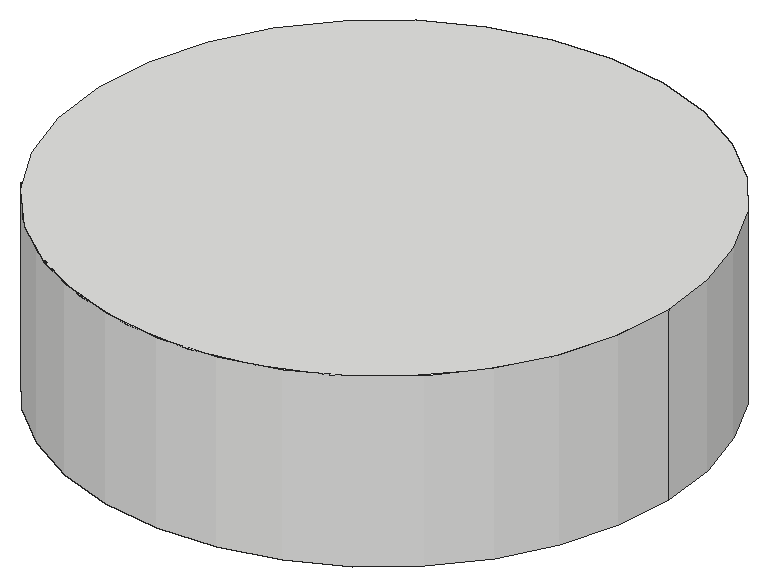
Revit family "IEK_Светильник_LED_ДПО-PRO_2001-2014_IP54_LOD2_R19", category Осветительные приборы, Revit 2019
Family settings
  Размер круглого соединителя = Использовать диаметр
  Тип детали = Нормальный
  На основе рабочей плоскости = Нет
  Всегда вертикально = Да
  При загрузке вырезать с полостями = Нет
  Источник света = Нет
  Общий = Нет
  Точка расчета площади = Нет
Parameters (values of type "ДПО2014Д_12Вт_1140лм_6500К_Накладной_Пластик")
  УГО_А_верт [instance] = no
  УГО_А_180гр [instance] = no
  УГО_А_-90гр [instance] = no
  УГО_А_+90гр [instance] = no
  Description = ""
  Лампа = "Светодиод. источник света (LED)"
  Изготовитель = "IEK"  # constant formula
  URL = "https://www.iek.ru/"
  KSI_CPr_Строительные изделия = "ЭЛ 40 50 50 30"  # constant formula
  KSI_CMa_Строительные материалы = "01.7.14.02"  # constant formula
  IEK_Частота = "50 Гц"
  IEK_Цветовая температура = "6500 К"
  IEK_Цвет = "Белый"
  IEK_УГО_Смещение по оси Y [instance] = 1000 mm
  IEK_УГО_Смещение по оси X [instance] = 1000 mm
  IEK_УГО_Рабочее освещение [instance] = yes
  IEK_УГО_Аварийное освещение [instance] = not(IEK_УГО_Рабочее освещение)  # no
  IEK_Тип лампы = "LED"  # constant formula
  IEK_Температура эксплуатации = "-20…+50 °C"  # constant formula
  IEK_Степень защиты = "IP54"  # constant formula
  IEK_Срок службы = "30000 часов"
  IEK_Серия = "ДПО 2014Д"
  IEK_Световой поток = "1140 лм"
  IEK_Редактор = ""
  IEK_Разработчик = "Созутов ВД"  # constant formula
  IEK_Основа = "Уровень"  # constant formula
  IEK_Описание = "Светильники светодиодные серии ДПО предназначены для внутреннего освещения бытовых, общественных и производственных освещений с повышенным содержанием пыли и влаги. Конструкция светильника и применяемые материалы обеспечивают высокую механическую прочность и защиту от проникновения пыли и влаги по классу IP54."
  IEK_Монтажная температура = ""
  IEK_Конфигуратор = "http://www.iek.ru/products/light-calc/"
  IEK_Класс защиты = "II"
  IEK_Индекс цветопередачи = "80-89 (класс 1В)"
  IEK_Замена = ""
  IEK_Гарантийный срок = "2 года"
  IEK_Вид климатического исполнения = ""
  IEK_Блок аварийного питания = no
  IEK_URL_Сертификат = "https://www.iek.ru/local/components/iek/prodcat.catalog.detail/download.php?hash=00cc9106711aa1cf372c905d42a31609fa32c2ff2d87dda9f069751617081975"
  IEK_URL_Паспорт изделия = "https://www.iek.ru/local/components/iek/prodcat.catalog.detail/download.php?hash=a27cf62eadb7b7d0a5eb10d209879b39a80351e15ee5d83a98634d30903b1fb2"
  IEK_URL_Изображение = "https://www.iek.ru/upload/iek.prodcat/file/38651211a8a6d044ff1ea838659978138d8e5d6528c4d29e01028f84c30446d1.png"
  IEK_URL_IES = "https://www.iek.ru/local/components/iek/prodcat.catalog.detail/download.php?hash=c40fa0f7bc1643a3656b28735fcf7ec0497071d74631038163b9d9793a313e15"
  IEK_URL = "https://www.iek.ru/products/catalog/svetotekhnika/kommunalnoe_i_bytovoe_osveshchenie/svetilniki_svetodiodnye_dlya_zhkkh/svetilniki_dpo_pro_2001_20014/svetilnik_svetodiodnyy_dpo_2014d_12vt_ip54_6500k_dezhurnyy_rezhim_krug_belyy_s_akusticheskim_datchikom_iek"
  IEK_LOD = "LOD200"  # constant formula
  IEK_ID = "100201050012"
  ADSK_Этаж [instance] = ""
  ADSK_Ток = ADSK_Номинальная мощность / (ADSK_Коэффициент мощности * ADSK_Напряжение * sqrt(ADSK_Количество фаз))  # 0.109091 A
  ADSK_Размер_Радиус = 80 mm
  ADSK_Размер_ДиаметрИзделия = ADSK_Размер_Радиус * 2  # 160 mm
  ADSK_Размер_Диаметр [instance] = 10 mm
  ADSK_Размер_Высота = 48 mm
  ADSK_Примечание [instance] = ""
  ADSK_Полная мощность = ADSK_Номинальная мощность / ADSK_Коэффициент мощности  # 24 VA
  ADSK_Позиция [instance] = ""
  ADSK_Обозначение = "ГОСТ Р МЭК 60598-1, ГОСТ Р МЭК 60598-2-4-99"
  ADSK_Номинальная мощность = 12 W
  ADSK_Напряжение = 220 V
  ADSK_Наименование краткое = "Светильник LED ДПО 2014Д 12Вт IP54 6500К"
  ADSK_Наименование = "Светильник LED ДПО 2014Д 12Вт IP54 6500К деж круг с АД IEK"
  ADSK_Материал обозначение = "Плафон - пластик опаловый"
  ADSK_Материал наименование = "Корпус - пластик"
  ADSK_Материал = Белый
  ADSK_Масса_Текст = "0,2 Кг"
  ADSK_Масса = 0.2
  ADSK_Марка = "ДПО 2014Д"
  ADSK_Коэффициент мощности = 0.5
  ADSK_Количество фаз = 1
  ADSK_Код изделия = "LDPO3-2014D-12-6500-K01"
  ADSK_Классификация нагрузок = Освещение
  ADSK_Завод-изготовитель = "IEK"  # constant formula
  ADSK_Единица измерения = "шт"  # constant formula
  ADSK_Группирование = "Светильники, светоуказатели, световые табло"  # constant formula
  ADSK_Версия семейства = "1.0"  # constant formula
  ADSK_Версия Revit = "2019"  # constant formula
  ADSK_URL страницы изделия = "https://www.iek.ru/products/catalog/svetotekhnika/kommunalnoe_i_bytovoe_osveshchenie/svetilniki_svetodiodnye_dlya_zhkkh/svetilniki_dpo_pro_2001_20014/svetilnik_svetodiodnyy_dpo_2014d_12vt_ip54_6500k_dezhurnyy_rezhim_krug_belyy_s_akusticheskim_datchikom_iek"
  ADSK_URL документации изделия = "https://www.iek.ru/local/components/iek/prodcat.catalog.detail/download.php?hash=a27cf62eadb7b7d0a5eb10d209879b39a80351e15ee5d83a98634d30903b1fb2"
Types (13, lengths in mm): name | IEK_Цветовая температура | IEK_Серия | IEK_Световой поток | IEK_Индекс цветопередачи | IEK_URL_Сертификат | IEK_URL_IES | IEK_URL | IEK_ID | ADSK_Ток | ADSK_Размер_Радиус | ADSK_Размер_ДиаметрИзделия | ADSK_Полная мощность | ADSK_Номинальная мощность | ADSK_Наименование краткое | ADSK_Наименование | ADSK_Масса_Текст | ADSK_Масса | ADSK_Марка | ADSK_Коэффициент мощности | ADSK_Код изделия | ADSK_URL страницы изделия
  (no name) | "6500 К" | "ДПО 2014Д" | "1140 лм" | "80-89 (класс 1В)" | "https://www.iek.ru/local/components/iek/prodcat.catalog.detail/download.php?hash=00cc9106711aa1cf372c905d42a31609fa32c2ff2d87dda9f069751617081975" | "https://www.iek.ru/local/components/iek/prodcat.catalog.detail/download.php?hash=c40fa0f7bc1643a3656b28735fcf7ec0497071d74631038163b9d9793a313e15" | "https://www.iek.ru/products/catalog/svetotekhnika/kommunalnoe_i_bytovoe_osveshchenie/svetilniki_svetodiodnye_dlya_zhkkh/svetilniki_dpo_pro_2001_20014/svetilnik_svetodiodnyy_dpo_2014d_12vt_ip54_6500k_dezhurnyy_rezhim_krug_belyy_s_akusticheskim_datchikom_iek" | "100201050012" | 0.109091 A | 80 | 160 | 24 VA | 12 W | "Светильник LED ДПО 2014Д 12Вт IP54 6500К" | "Светильник LED ДПО 2014Д 12Вт IP54 6500К деж круг с АД IEK" | "0,2 Кг" | 0.2 | "ДПО 2014Д" | 0.5 | "LDPO3-2014D-12-6500-K01" | "https://www.iek.ru/products/catalog/svetotekhnika/kommunalnoe_i_bytovoe_osveshchenie/svetilniki_svetodiodnye_dlya_zhkkh/svetilniki_dpo_pro_2001_20014/svetilnik_svetodiodnyy_dpo_2014d_12vt_ip54_6500k_dezhurnyy_rezhim_krug_belyy_s_akusticheskim_datchikom_iek"
  ДПО2001_8Вт_760лм_4000К_Накладной_Пластик | "4000 К" | "ДПО 2001" | "760 лм" | "70-79 (класс 2A)" | "https://www.iek.ru/local/components/iek/prodcat.catalog.detail/download.php?hash=4cd77611df08c5790d0110880c81dd49525e2d584228cbf781d86046baa9f086" | "" | "https://www.iek.ru/products/catalog/svetotekhnika/kommunalnoe_i_bytovoe_osveshchenie/svetilniki_svetodiodnye_dlya_zhkkh/svetilniki_dpo_pro_2001_20014/svetilnik_svetodiodnyy_dpo_2001_8vt_4000k_ip54_krug_belyy_iek" | "100201050001" | 0.0727273 A | 65 | 130 | 16 VA | 8 W | "Светильник LED ДПО 2001 8Вт 4000K IP54" | "Светильник LED ДПО 2001 8Вт 4000K IP54 круг белый IEK" | "0,2 Кг" | 0.2 | "ДПО 2001" | 0.5 | "LDPO0-2001-8-4000-K01" | "https://www.iek.ru/products/catalog/svetotekhnika/kommunalnoe_i_bytovoe_osveshchenie/svetilniki_svetodiodnye_dlya_zhkkh/svetilniki_dpo_pro_2001_20014/svetilnik_svetodiodnyy_dpo_2001_8vt_4000k_ip54_krug_belyy_iek"
  ДПО2002_12Вт_1140лм_4000К_Накладной_Пластик | "4000 К" | "ДПО 2002" | "1140 лм" | "70-79 (класс 2A)" | "https://www.iek.ru/local/components/iek/prodcat.catalog.detail/download.php?hash=4cd77611df08c5790d0110880c81dd49525e2d584228cbf781d86046baa9f086" | "" | "https://www.iek.ru/products/catalog/svetotekhnika/kommunalnoe_i_bytovoe_osveshchenie/svetilniki_svetodiodnye_dlya_zhkkh/svetilniki_dpo_pro_2001_20014/svetilnik_svetodiodnyy_dpo_2002_12vt_4000k_ip54_krug_belyy_iek" | "100201050002" | 0.109091 A | 80 | 160 | 24 VA | 12 W | "Светильник LED ДПО 2002 12Вт 4000K IP54" | "Светильник LED ДПО 2002 12Вт 4000K IP54 круг белый IEK" | "0,2 Кг" | 0.2 | "ДПО 2002" | 0.5 | "LDPO0-2002-12-4000-K01" | "https://www.iek.ru/products/catalog/svetotekhnika/kommunalnoe_i_bytovoe_osveshchenie/svetilniki_svetodiodnye_dlya_zhkkh/svetilniki_dpo_pro_2001_20014/svetilnik_svetodiodnyy_dpo_2002_12vt_4000k_ip54_krug_belyy_iek"
  ДПО2003_14Вт_1330лм_4000К_Накладной_Пластик | "4000 К" | "ДПО 2003" | "1330 лм" | "70-79 (класс 2A)" | "https://www.iek.ru/local/components/iek/prodcat.catalog.detail/download.php?hash=4cd77611df08c5790d0110880c81dd49525e2d584228cbf781d86046baa9f086" | "" | "https://www.iek.ru/products/catalog/svetotekhnika/kommunalnoe_i_bytovoe_osveshchenie/svetilniki_svetodiodnye_dlya_zhkkh/svetilniki_dpo_pro_2001_20014/svetilnik_svetodiodnyy_dpo_2003_14vt_4000k_ip54_krug_belyy_iek" | "100201050003" | 0.127273 A | 80 | 160 | 28 VA | 14 W | "Светильник LED ДПО 2003 14Вт 4000K IP54" | "Светильник LED ДПО 2003 14Вт 4000K IP54 круг белый IEK" | "0,2 Кг" | 0.2 | "ДПО 2003" | 0.5 | "LDPO0-2003-14-4000-K01" | "https://www.iek.ru/products/catalog/svetotekhnika/kommunalnoe_i_bytovoe_osveshchenie/svetilniki_svetodiodnye_dlya_zhkkh/svetilniki_dpo_pro_2001_20014/svetilnik_svetodiodnyy_dpo_2003_14vt_4000k_ip54_krug_belyy_iek"
  ДПО2004_8Вт_760лм_6500К_Накладной_Пластик | "6500 К" | "ДПО 2004" | "760 лм" | "70-79 (класс 2A)" | "https://www.iek.ru/local/components/iek/prodcat.catalog.detail/download.php?hash=4cd77611df08c5790d0110880c81dd49525e2d584228cbf781d86046baa9f086" | "" | "https://www.iek.ru/products/catalog/svetotekhnika/kommunalnoe_i_bytovoe_osveshchenie/svetilniki_svetodiodnye_dlya_zhkkh/svetilniki_dpo_pro_2001_20014/svetilnik_svetodiodnyy_dpo_2004_8vt_6500k_ip54_krug_belyy_iek" | "100201050004" | 0.0727273 A | 65 | 130 | 16 VA | 8 W | "Светильник LED ДПО 2004 8Вт 6500K IP54" | "Светильник LED ДПО 2004 8Вт 6500K IP54 круг белый IEK" | "0,2 Кг" | 0.2 | "ДПО 2004" | 0.5 | "LDPO0-2004-8-6500-K01" | "https://www.iek.ru/products/catalog/svetotekhnika/kommunalnoe_i_bytovoe_osveshchenie/svetilniki_svetodiodnye_dlya_zhkkh/svetilniki_dpo_pro_2001_20014/svetilnik_svetodiodnyy_dpo_2004_8vt_6500k_ip54_krug_belyy_iek"
  ДПО2005_12Вт_1140лм_6500К_Накладной_Пластик | "6500 К" | "ДПО 2005" | "1140 лм" | "70-79 (класс 2A)" | "https://www.iek.ru/local/components/iek/prodcat.catalog.detail/download.php?hash=4cd77611df08c5790d0110880c81dd49525e2d584228cbf781d86046baa9f086" | "" | "https://www.iek.ru/products/catalog/svetotekhnika/kommunalnoe_i_bytovoe_osveshchenie/svetilniki_svetodiodnye_dlya_zhkkh/svetilniki_dpo_pro_2001_20014/svetilnik_svetodiodnyy_dpo_2005_12vt_6500k_ip54_krug_belyy_iek" | "100201050005" | 0.109091 A | 80 | 160 | 24 VA | 12 W | "Светильник LED ДПО 2005 12Вт 6500K IP54" | "Светильник LED ДПО 2005 12Вт 6500K IP54 круг белый IEK" | "0,2 Кг" | 0.2 | "ДПО 2005" | 0.5 | "LDPO0-2005-12-6500-K01" | "https://www.iek.ru/products/catalog/svetotekhnika/kommunalnoe_i_bytovoe_osveshchenie/svetilniki_svetodiodnye_dlya_zhkkh/svetilniki_dpo_pro_2001_20014/svetilnik_svetodiodnyy_dpo_2005_12vt_6500k_ip54_krug_belyy_iek"
  ДПО2006_14Вт_1330лм_6500К_Накладной_Пластик | "6500 К" | "ДПО 2006" | "1330 лм" | "70-79 (класс 2A)" | "https://www.iek.ru/local/components/iek/prodcat.catalog.detail/download.php?hash=4cd77611df08c5790d0110880c81dd49525e2d584228cbf781d86046baa9f086" | "" | "https://www.iek.ru/products/catalog/svetotekhnika/kommunalnoe_i_bytovoe_osveshchenie/svetilniki_svetodiodnye_dlya_zhkkh/svetilniki_dpo_pro_2001_20014/svetilnik_svetodiodnyy_dpo_2006_14vt_6500k_ip54_krug_belyy_iek" | "100201050006" | 0.127273 A | 80 | 160 | 28 VA | 14 W | "Светильник LED ДПО 2006 14Вт 6500K IP54" | "Светильник LED ДПО 2006 14Вт 6500K IP54 круг белый IEK" | "0,2 Кг" | 0.2 | "ДПО 2006" | 0.5 | "LDPO0-2006-14-6500-K01" | "https://www.iek.ru/products/catalog/svetotekhnika/kommunalnoe_i_bytovoe_osveshchenie/svetilniki_svetodiodnye_dlya_zhkkh/svetilniki_dpo_pro_2001_20014/svetilnik_svetodiodnyy_dpo_2006_14vt_6500k_ip54_krug_belyy_iek"
  ДПО2007_18Вт_1710лм_4000К_Накладной_Пластик | "4000 К" | "ДПО 2007" | "1710 лм" | "80-89 (класс 1В)" | "https://www.iek.ru/local/components/iek/prodcat.catalog.detail/download.php?hash=00cc9106711aa1cf372c905d42a31609fa32c2ff2d87dda9f069751617081975" | "https://www.iek.ru/local/components/iek/prodcat.catalog.detail/download.php?hash=bb414c1b45b96eaa54902f4b84aad78a5b419701923ed5855f230c5c4cf4fbb9" | "https://www.iek.ru/products/catalog/svetotekhnika/kommunalnoe_i_bytovoe_osveshchenie/svetilniki_svetodiodnye_dlya_zhkkh/svetilniki_dpo_pro_2001_20014/svetilnik_svetodiodnyy_dpo_2007_18vt_ip54_4000k_krug_belyy_iek" | "100201050007" | 0.102273 A | 95 | 190 | 22.5 VA | 18 W | "Светильник LED ДПО 2007 18Вт IP54 4000К" | "Светильник LED ДПО 2007 18Вт IP54 4000К круг белый IEK" | "0,3 Кг" | 0.3 | "ДПО 2007" | 0.8 | "LDPO0-2007-18-4000-K01" | "https://www.iek.ru/products/catalog/svetotekhnika/kommunalnoe_i_bytovoe_osveshchenie/svetilniki_svetodiodnye_dlya_zhkkh/svetilniki_dpo_pro_2001_20014/svetilnik_svetodiodnyy_dpo_2007_18vt_ip54_4000k_krug_belyy_iek"
  ДПО2008_18Вт_1710лм_6500К_Накладной_Пластик | "6500 К" | "ДПО 2008" | "1710 лм" | "80-89 (класс 1В)" | "https://www.iek.ru/local/components/iek/prodcat.catalog.detail/download.php?hash=00cc9106711aa1cf372c905d42a31609fa32c2ff2d87dda9f069751617081975" | "https://www.iek.ru/local/components/iek/prodcat.catalog.detail/download.php?hash=1bf491825195779159413015db977133306065eceb1d03d2d2c4232ca5754885" | "https://www.iek.ru/products/catalog/svetotekhnika/kommunalnoe_i_bytovoe_osveshchenie/svetilniki_svetodiodnye_dlya_zhkkh/svetilniki_dpo_pro_2001_20014/svetilnik_svetodiodnyy_dpo_2008_18vt_ip54_6500k_krug_belyy_iek" | "100201050008" | 0.102273 A | 95 | 190 | 22.5 VA | 18 W | "Светильник LED ДПО 2008 18Вт IP54 6500К" | "Светильник LED ДПО 2008 18Вт IP54 6500К круг белый IEK" | "0,3 Кг" | 0.3 | "ДПО 2008" | 0.8 | "LDPO0-2008-18-6500-K01" | "https://www.iek.ru/products/catalog/svetotekhnika/kommunalnoe_i_bytovoe_osveshchenie/svetilniki_svetodiodnye_dlya_zhkkh/svetilniki_dpo_pro_2001_20014/svetilnik_svetodiodnyy_dpo_2008_18vt_ip54_6500k_krug_belyy_iek"
  ДПО2011Д_12Вт_1140лм_4000К_Накладной_Пластик | "4000 К" | "ДПО 2011Д" | "1140 лм" | "80-89 (класс 1В)" | "https://www.iek.ru/local/components/iek/prodcat.catalog.detail/download.php?hash=00cc9106711aa1cf372c905d42a31609fa32c2ff2d87dda9f069751617081975" | "https://www.iek.ru/local/components/iek/prodcat.catalog.detail/download.php?hash=899154b9cd5c625f40e96b1106daf874e9b734ef0dbac8174bd5618c137c24b8" | "https://www.iek.ru/products/catalog/svetotekhnika/kommunalnoe_i_bytovoe_osveshchenie/svetilniki_svetodiodnye_dlya_zhkkh/svetilniki_dpo_pro_2001_20014/svetilnik_svetodiodnyy_dpo_2011d_12vt_ip54_4000k_krug_belyy_s_akusticheskim_datchikom_iek" | "100201050009" | 0.109091 A | 80 | 160 | 24 VA | 12 W | "Светильник LED ДПО 2011Д 12Вт IP54 4000К" | "Светильник LED ДПО 2011Д 12Вт IP54 4000К круг белый с АД IEK" | "0,2 Кг" | 0.2 | "ДПО 2011Д" | 0.5 | "LDPO3-2011D-12-4000-K01" | "https://www.iek.ru/products/catalog/svetotekhnika/kommunalnoe_i_bytovoe_osveshchenie/svetilniki_svetodiodnye_dlya_zhkkh/svetilniki_dpo_pro_2001_20014/svetilnik_svetodiodnyy_dpo_2011d_12vt_ip54_4000k_krug_belyy_s_akusticheskim_datchikom_iek"
  ДПО2012Д_12Вт_1140лм_6500К_Накладной_Пластик | "6500 К" | "ДПО 2012Д" | "1140 лм" | "80-89 (класс 1В)" | "https://www.iek.ru/local/components/iek/prodcat.catalog.detail/download.php?hash=00cc9106711aa1cf372c905d42a31609fa32c2ff2d87dda9f069751617081975" | "https://www.iek.ru/local/components/iek/prodcat.catalog.detail/download.php?hash=8f5bc35505f27f87e44fc3b39696980e60d8143c7f527f6b18fac1b18fb4d72b" | "https://www.iek.ru/products/catalog/svetotekhnika/kommunalnoe_i_bytovoe_osveshchenie/svetilniki_svetodiodnye_dlya_zhkkh/svetilniki_dpo_pro_2001_20014/svetilnik_svetodiodnyy_dpo_2012d_12vt_ip54_6500k_krug_belyy_s_akusticheskim_datchikom_iek" | "100201050010" | 0.109091 A | 80 | 160 | 24 VA | 12 W | "Светильник LED ДПО 2012Д 12Вт IP54 6500К" | "Светильник LED ДПО 2012Д 12Вт IP54 6500К круг белый с АД IEK" | "0,2 Кг" | 0.2 | "ДПО 2012Д" | 0.5 | "LDPO3-2012D-12-6500-K01" | "https://www.iek.ru/products/catalog/svetotekhnika/kommunalnoe_i_bytovoe_osveshchenie/svetilniki_svetodiodnye_dlya_zhkkh/svetilniki_dpo_pro_2001_20014/svetilnik_svetodiodnyy_dpo_2012d_12vt_ip54_6500k_krug_belyy_s_akusticheskim_datchikom_iek"
  ДПО2013Д_12Вт_1140лм_4000К_Накладной_Пластик | "4000 К" | "ДПО 2013Д" | "1140 лм" | "80-89 (класс 1В)" | "https://www.iek.ru/local/components/iek/prodcat.catalog.detail/download.php?hash=00cc9106711aa1cf372c905d42a31609fa32c2ff2d87dda9f069751617081975" | "https://www.iek.ru/local/components/iek/prodcat.catalog.detail/download.php?hash=ebc7aced97c6e638b3fad7c65812610007cf488b507525f564f6ebd7e41a7310" | "https://www.iek.ru/products/catalog/svetotekhnika/kommunalnoe_i_bytovoe_osveshchenie/svetilniki_svetodiodnye_dlya_zhkkh/svetilniki_dpo_pro_2001_20014/svetilnik_svetodiodnyy_dpo_2013d_12vt_ip54_4000k_dezhurnyy_rezhim_krug_belyy_s_akusticheskim_datchikom_iek" | "100201050011" | 0.109091 A | 80 | 160 | 24 VA | 12 W | "Светильник LED ДПО 2013Д 12Вт IP54 4000К" | "Светильник LED ДПО 2013Д 12Вт IP54 4000К деж круг с АД IEK" | "0,2 Кг" | 0.2 | "ДПО 2013Д" | 0.5 | "LDPO3-2013D-12-4000-K01" | "https://www.iek.ru/products/catalog/svetotekhnika/kommunalnoe_i_bytovoe_osveshchenie/svetilniki_svetodiodnye_dlya_zhkkh/svetilniki_dpo_pro_2001_20014/svetilnik_svetodiodnyy_dpo_2013d_12vt_ip54_4000k_dezhurnyy_rezhim_krug_belyy_s_akusticheskim_datchikom_iek"
  ДПО2014Д_12Вт_1140лм_6500К_Накладной_Пластик | "6500 К" | "ДПО 2014Д" | "1140 лм" | "80-89 (класс 1В)" | "https://www.iek.ru/local/components/iek/prodcat.catalog.detail/download.php?hash=00cc9106711aa1cf372c905d42a31609fa32c2ff2d87dda9f069751617081975" | "https://www.iek.ru/local/components/iek/prodcat.catalog.detail/download.php?hash=c40fa0f7bc1643a3656b28735fcf7ec0497071d74631038163b9d9793a313e15" | "https://www.iek.ru/products/catalog/svetotekhnika/kommunalnoe_i_bytovoe_osveshchenie/svetilniki_svetodiodnye_dlya_zhkkh/svetilniki_dpo_pro_2001_20014/svetilnik_svetodiodnyy_dpo_2014d_12vt_ip54_6500k_dezhurnyy_rezhim_krug_belyy_s_akusticheskim_datchikom_iek" | "100201050012" | 0.109091 A | 80 | 160 | 24 VA | 12 W | "Светильник LED ДПО 2014Д 12Вт IP54 6500К" | "Светильник LED ДПО 2014Д 12Вт IP54 6500К деж круг с АД IEK" | "0,2 Кг" | 0.2 | "ДПО 2014Д" | 0.5 | "LDPO3-2014D-12-6500-K01" | "https://www.iek.ru/products/catalog/svetotekhnika/kommunalnoe_i_bytovoe_osveshchenie/svetilniki_svetodiodnye_dlya_zhkkh/svetilniki_dpo_pro_2001_20014/svetilnik_svetodiodnyy_dpo_2014d_12vt_ip54_6500k_dezhurnyy_rezhim_krug_belyy_s_akusticheskim_datchikom_iek"
Reference planes
  plane 1 "По центру (Вперед/Назад)": y = 0
  plane 2: z = 0
  plane 3 "По центру (Влево/Вправо)": x = 0
  plane 4: z = 48
  plane 5 "1": y = -80
  plane 6 "2": y = 80
  plane 7 "3": x = 80
  plane 8 "4": x = -80
  plane 9: x = -1000
  plane 10: y = -1000
Forms (mm)
  Extrusion 1, solid, material "Белый" <- "ADSK_Материал", detail levels medium+fine
    sketch origin (0, 0, 0) x (1, 0, 0) y (0, 1, 0)
      loop
        circle (0, 0) r 80
    from 0 to 48
Lines and regions (mm)
  Masking region 1
    outline origin (3.125, 0, 4.375) x (1, 0, 0) y (0, 0, 1)
      loop
        line (-76.973, 12.797) -> (-76.973, 7.102) -> (-74.352, 7.102) -> (-74.352, 12.797) -> (-76.973, 12.797)
      loop
        line (-76.973, 15.902) -> (-76.973, 13.467) -> (-74.352, 13.467) -> (-74.352, 15.902) -> (-76.973, 15.902)
      loop
        line (-73.708, 15.902) -> (-73.708, 13.467) -> (-68.012, 13.467) -> (-68.012, 15.902) -> (-73.708, 15.902)
      loop
        line (-68.012, 12.797) -> (-73.708, 12.797) -> (-73.708, 7.102) -> (-68.012, 7.102) -> (-68.012, 9.598) -> (-71.239, 9.598) -> (-71.239, 10.38) -> (-68.012, 10.38) -> (-68.012, 12.797)
      loop
        line (-67.482, 15.902) -> (-67.482, 7.102) -> (-64.907, 7.102) -> (-64.907, 10.265) -> (-64.068, 10.265) -> (-61.934, 7.102) -> (-58.956, 7.102) -> (-62.028, 11.657) -> (-58.831, 16.223) -> (-61.579, 16.223) -> (-64.068, 12.797) -> (-64.907, 12.797) -> (-64.907, 15.902) -> (-67.482, 15.902)
  reference lines
    curve 1: line (-20, 0, 0) -> (20, 0, 0)
    curve 2: line (0, 10, 0) -> (0, -10, 0)
  reference lines, not visible
    curve 3: line (6.351, 13.986, 0) -> (46.351, 13.986, 0)
    curve 4: line (26.351, 23.986, 0) -> (26.351, 3.986, 0)
Text (mm)
  text "sozutov" at (26.073, 0, 26.659), in view "Спереди"
Dimensions and locks
  "ADSK_Размер_Высота": plane 4 to plane 2
  "IEK_УГО_Смещение по оси Y": plane 10 to plane 1 "По центру (Вперед/Назад)"  (x2)
  "IEK_УГО_Смещение по оси X": plane 9 to plane 3 "По центру (Влево/Вправо)"  (x2)
  locked: plane 9 to curve 2 at 1000
  locked: plane 10 to curve 1 at 1000
  "ADSK_Размер_Радиус": radius of Extrusion 1 sketch curve
  aligned and locked: level to plane 2
  aligned and locked: Extrusion 1 to plane 4
  aligned and locked: nested 1 to curve 2
  aligned and locked: curve 1 to nested 1
  aligned and locked: nested 2 to curve 4
  aligned and locked: curve 3 to nested 2
Automatic sketch dimensions
  level to Masking region 1 sketch curve = 17.172 mm  (x2)
  Masking region 1 sketch curve to plane 3 "По центру (Влево/Вправо)" = 73.848 mm
  Masking region 1 sketch curve to Masking region 1 sketch curve = 0 mm  (x8)
  Masking region 1 sketch curve to Masking region 1 sketch curve = 2.621 mm  (x2)
  Masking region 1 sketch curve to Masking region 1 sketch curve = 0.644 mm  (x2)
  Masking region 1 sketch curve to Masking region 1 sketch curve = 2.469 mm
  Masking region 1 sketch curve to Masking region 1 sketch curve = 3.227 mm
  Masking region 1 sketch curve to Masking region 1 sketch curve = 0.53 mm
  Masking region 1 sketch curve to Masking region 1 sketch curve = 2.575 mm
  Masking region 1 sketch curve to Masking region 1 sketch curve = 0.839 mm  (x2)
  level to Masking region 1 sketch curve = 16.032 mm
  Masking region 1 sketch curve to Masking region 1 sketch curve = 2.04 mm
  level to Masking region 1 sketch curve = 20.598 mm
  Masking region 1 sketch curve to Masking region 1 sketch curve = 3.328 mm
  Masking region 1 sketch curve to Masking region 1 sketch curve = 2.748 mm
  Masking region 1 sketch curve to Masking region 1 sketch curve = 2.418 mm
  Masking region 1 sketch curve to Masking region 1 sketch curve = 1.392 mm
  Masking region 1 sketch curve to Masking region 1 sketch curve = 0.782 mm
  Masking region 1 sketch curve to Masking region 1 sketch curve = 2.496 mm
  Masking region 1 sketch curve to Masking region 1 sketch curve = 0.669 mm  (x2)
  Masking region 1 sketch curve to Masking region 1 sketch curve = 2.435 mm  (x2)
  Masking region 1 sketch curve to Masking region 1 sketch curve = 2.972 mm
  level to Masking region 1 sketch curve = 11.477 mm
  Masking region 1 sketch curve to Masking region 1 sketch curve = 2.978 mm
  curve 1 to curve 2 = 20 mm
  curve 2 to curve 1 = 20 mm
  curve 2 to curve 1 = 10 mm
  curve 2 to curve 2 = 20 mm
  curve 3 to curve 4 = 20 mm
  curve 4 to curve 3 = 20 mm
  curve 4 to curve 3 = 10 mm
  curve 4 to curve 4 = 20 mm
  plane 1 "По центру (Вперед/Назад)" to Extrusion 1 sketch curve = 0 mm
  Extrusion 1 sketch curve to plane 3 "По центру (Влево/Вправо)" = 0 mm
Nested families
  nested 1: "IEK_УГО светильник круглый" at (0, 0, 0), type "Стандарт", detail levels coarse+medium
  nested 2: "IEK_УГО светильник круглый" at (26.351, 13.986, 0), type "Стандарт", not visible, detail levels coarse+medium
Connectors
  electrical at (0, 0, 48), driven by "ADSK_Классификация нагрузок", driven by "ADSK_Напряжение", driven by "ADSK_Полная мощность", driven by "ADSK_Коэффициент мощности"
    settings: on Extrusion 1, index 1, voltage 220 V, apparent load 0 VA, apparent load phase1 24 VA, apparent load phase2 0 VA, apparent load phase3 0 VA, power factor 0.5, load classification "Освещение", number of poles 1, system type 31, power factor state 1, is connector primary yes, connector utility no, sub classification motor no, connector description ""
  cabletrayconduit at (0, -80, 70), diameter 10, driven by "ADSK_Размер_Диаметр"
    settings: index 2, connector width 300 mm, connector height 300 mm, connector angle 0.00°, system type 32, placement type 0, profile type 0, connector reference index -1, is primary connector yes, connector utility param no, connector description ""
  cabletrayconduit at (0, 80, 70), diameter 10, driven by "ADSK_Размер_Диаметр"
    settings: index 3, connector width 300 mm, connector height 300 mm, connector angle 0.00°, system type 32, placement type 0, profile type 0, connector reference index -1, is primary connector no, connector utility param no, connector description ""
  cabletrayconduit at (80, 0, 70), diameter 10, driven by "ADSK_Размер_Диаметр"
    settings: index 4, connector width 300 mm, connector height 300 mm, connector angle 0.00°, system type 32, placement type 0, profile type 0, connector reference index -1, is primary connector no, connector utility param no, connector description ""
  cabletrayconduit at (-80, 0, 70), diameter 10, driven by "ADSK_Размер_Диаметр"
    settings: index 5, connector width 300 mm, connector height 300 mm, connector angle 0.00°, system type 32, placement type 0, profile type 0, connector reference index -1, is primary connector no, connector utility param no, connector description ""
Definition of nested family "IEK_УГО светильник круглый"
  Parameters (values of type "Стандарт")
    Рабочая линия = no
    Аварийная линия = yes
    (А) -90гр = no
    (А) - Верт = yes
    (А) - 180гр = no
    (А) +90гр = no
  Reference planes
    plane 1: y = 0
    plane 2: x = 0
  Lines and regions (mm)
    detail lines, visible <- "Рабочая линия"
      curve 1: line (-1.25, -2.165, 0) -> (-1.25, 2.165, 0)
      curve 2: line (1.25, 2.165, 0) -> (1.25, -2.165, 0)
      curve 6: circle (0, 0, 0) r 2.5 normal (0, 0, 1)
    detail lines, visible <- "(А) - Верт"
      curve 3: line (-0.742, -1.009, 0) -> (0, 1.031, 0)
      curve 4: line (0, 1.031, 0) -> (0.75, -1.031, 0)
      curve 5: line (-0.568, -0.53, 0) -> (0.568, -0.53, 0)
    detail lines, visible <- "Аварийная линия"
      curve 7: line (-1.25, -2.165, 0) -> (-1.25, 2.165, 0)
      curve 8: line (1.25, 2.165, 0) -> (1.25, -2.165, 0)
      curve 9: circle (0, 0, 0) r 2.5 normal (0, 0, 1)
    detail lines, visible <- "(А) - 180гр"
      curve 10: line (0.742, 1.009, 0) -> (0, -1.031, 0)
      curve 11: line (0, -1.031, 0) -> (-0.75, 1.031, 0)
      curve 12: line (0.568, 0.53, 0) -> (-0.568, 0.53, 0)
    detail lines, visible <- "(А) -90гр"
      curve 13: line (0.893, -0.746, 0) -> (-1.147, -0.004, 0)
      curve 14: line (-1.147, -0.004, 0) -> (0.914, 0.746, 0)
      curve 15: line (0.414, -0.572, 0) -> (0.414, 0.564, 0)
    detail lines, visible <- "(А) +90гр"
      curve 16: line (-0.872, 0.746, 0) -> (1.167, 0.004, 0)
      curve 17: line (1.167, 0.004, 0) -> (-0.894, -0.746, 0)
      curve 18: line (-0.394, 0.572, 0) -> (-0.394, -0.564, 0)
